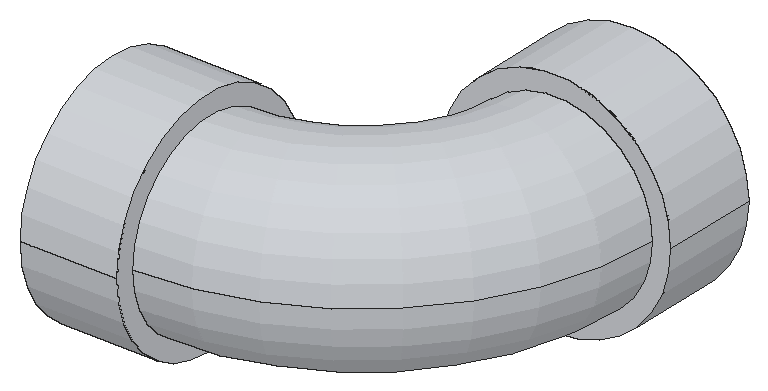
Revit family "TuberiaPEALPE_Codo90_Gas_Extrucol_0015", category Uniones de tubería, Revit 2020
Family settings
  Cota de conector redondo = Diámetro de uso
  Tipo de pieza = Codo
  Se basa en plano de trabajo = No
  Siempre vertical = Sí
  Corte con vacíos al cargar = No
  Compartido = No
Parameters
  x [instance] = Radio Curvatura * tan(Angulo / 2)  # 12 mm
  Radio Curvatura [instance] = DN  # 12 mm
  L1 [instance] = DN * 0.5  # 6 mm
  Elevación por defecto = 0 mm
  DN [instance] = 12 mm
  D2 [instance] = DN * 1.2  # 14.4 mm
  Angulo [instance] = 90.00°
Reference planes
  plane 1 "Centro (Frontal/Posterior)": y = 0
  plane 2: z = 0
  plane 3 "Centro (Izquierda/Derecha)": x = 0
  plane 4: x = -12
  plane 5: y = 12
  plane 6: x = -18
  plane 7: y = 18
Forms (mm)
  Sweep 1, solid
    path in 3D
      loop
        arc (-12, 0, 0) -> (-3.515, 3.515, 0) -> (0, 12, 0) r 12
    profile origin (-3.515, 3.515, 0) x (-0.707107, 0.707107, 0) y (0, 0, 1)
      loop
        circle (0, 0) r 6
  Sweep 2, solid
    path in 3D
      loop
        line (-12, 0, 0) -> (-18, 0, 0)
    profile origin (-15, 0, 0) x (0, -1, 0) y (0, 0, 1)
      loop
        circle (0, 0) r 7.2
  Sweep 3, solid
    path in 3D
      loop
        line (0, 12, 0) -> (0, 18, 0)
    profile origin (0, 15, 0) x (-1, 0, 0) y (0, 0, 1)
      loop
        circle (0, 0) r 7.2
Lines and regions (mm)
  model lines
    curve 1: arc (-12, 0, 0) -> (-3.515, 3.515, 0) -> (0, 12, 0) r 12
    curve 3: line (-12, 0, 0) -> (-18, 0, 0)
    curve 4: line (0, 12, 0) -> (0, 18, 0)
  sketch lines
    curve 2: arc (-12, 0, 0) -> (-3.515, 3.515, 0) -> (0, 12, 0) r 12
    curve 5: line (-12, 0, 0) -> (-18, 0, 0)
    curve 6: line (0, 12, 0) -> (0, 18, 0)
Dimensions and locks
  "Radio Curvatura": plane 5 to plane 1 "Centro (Frontal/Posterior)"
  "L1": plane 6 to plane 4
  "x": plane 4 to plane 3 "Centro (Izquierda/Derecha)"
  "L1": plane 7 to plane 5
  "DN": diameter of Sweep 1 sketch curve
  "D2": diameter of Sweep 2 sketch curve
  "D2": diameter of Sweep 3 sketch curve
  aligned and locked: level to plane 2
  aligned and locked: plane 7 to curve 4
  aligned and locked: curve 3 to plane 1 "Centro (Frontal/Posterior)"
  aligned and locked: plane 6 to curve 3
  aligned and locked: Sweep 1 to curve 1  (x5)
Automatic sketch dimensions
  Sweep 1 sketch curve to profile plane = 0 mm
  profile plane to Sweep 1 sketch curve = 0 mm
  Sweep 2 sketch curve to profile plane = 0 mm  (x2)
  Sweep 3 sketch curve to profile plane = 0 mm  (x2)
  curve 1 to plane 4 = 0 mm
  curve 4 to plane 3 "Centro (Izquierda/Derecha)" = 0 mm
Connectors
  piping at (0, 18, 0), diameter 12, driven by "DN"
    settings: on Sweep 3, index 1, connector inside diameter 609.6 mm, connector length 0 mm, flow factor 0, pipe flow 0.0 L/s, pressure drop 0.0 Pa, fitting loss kfactor 0, connector angle 0.00°, fixture units 0, engagement length 0 mm, angle of deflection 0.00°, flow configuration 0, flow direction 0, fitting loss method 0, system type 28, joint type 0, gender type 0, connector reference index 2, connector utility 0, adjustable connector no, is connector primary yes, connector description ""
  piping at (-18, 0, 0), diameter 12, driven by "DN"
    settings: on Sweep 2, index 2, connector inside diameter 609.6 mm, connector length 0 mm, flow factor 0, pipe flow 0.0 L/s, pressure drop 0.0 Pa, fitting loss kfactor 0, connector angle 0.00°, fixture units 0, engagement length 0 mm, angle of deflection 0.00°, flow configuration 0, flow direction 0, fitting loss method 0, system type 28, joint type 0, gender type 0, connector reference index 1, connector utility 0, adjustable connector no, is connector primary no, connector description ""
